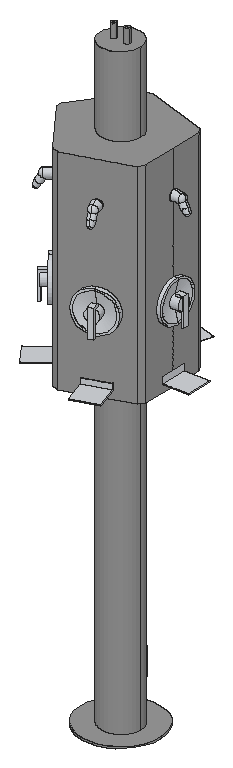
Revit family "Column_Shower-Willoughby-CWCSY-5", category Plumbing Fixtures, Revit 2015
Parameters (values of type "Standard")
  water line = Copper
  Waste Connection = no
  Vent Connection = no
  URL = "https://www.willoughby-ind.com/wp-content/uploads/2018/01/CWCSY.pdf"
  Revision = "A"
  Model = "CWCSY-5"
  Manufacturer = "Willoughby Industries"
  HW Connection = yes
  HCW DIA = 3/4"
  Fixture Body = Stainless Steel AISI 304-Willoughby
  Description = "5 Station Column Shower"
  Default Elevation = 0' - 0"
  Contact = "(800) 428-4065"
  CW Connection = yes
Reference planes (in)
  plane 1 "Center (Front/Back)": y = 0
  plane 2: z = 0
  plane 3 "Center (Left/Right)": x = 0
  plane 4 "Top Mounting Tube HGT": z = 92
  plane 5 "Shower Head HGT": z = 72
  plane 6 "Valve HGT": z = 60
  plane 7 "Soap dish HGT": z = 42
  plane 8 "Access": z = 6
  plane 9: x = -2
  plane 10: x = 2
  plane 11: x = -7.9375
  plane 12: x = 7.9375
  plane 13: through (0, 0, 48) normal (-0.866, -0.5, 0)
  plane 14: x = 1
  plane 15: x = -1
Forms (in)
  Extrusion 1, solid, material "Stainless Steel AISI 304-Willoughby" <- "Fixture Body", detail levels fine
    sketch origin (0, 0, 0) x (1, 0, 0) y (0, 1, 0)
      loop
        circle (0, 0) r 6
    from 0 to 0.25
  Extrusion 2, solid, material "Stainless Steel AISI 304-Willoughby" <- "Fixture Body"
    sketch origin (0, 0, 0) x (1, 0, 0) y (0, 1, 0)
      loop
        circle (0, 0) r 3
    from 0 to 92
  Extrusion 3, solid, material "Stainless Steel AISI 304-Willoughby" <- "Fixture Body", detail levels fine
    sketch origin (0, 0, 6) x (1, 0, 0) y (0, 1, 0)
      loop
        line (2, 2.23607) -> (2.07433, 2.3104)
        arc (2.07433, 2.3104) -> (0, 3.10614) -> (-2.07433, 2.3104) r 3.10151
        line (-2.07433, 2.3104) -> (-2, 2.23607)
        arc (-2, 2.23607) -> (0, 3.03719) -> (2, 2.23607) r 2.89705
    from 0 to 4
  Extrusion 4, solid, material "Stainless Steel AISI 304-Willoughby" <- "Fixture Body"
    sketch origin (0, 0, 0) x (1, 0, 0) y (0, 1, 0)
      loop
        line (-9.1875, -0.5) -> (-3.30965, -8.59017) -> (-2.35859, -8.89919) -> (7.22471, -5.78538) -> (7.8125, -4.97637) -> (7.8125, 0) -> (7.8125, 4.97637) -> (7.22471, 5.78538) -> (-2.35859, 8.89919) -> (-3.30965, 8.59017) -> (-9.1875, 0.5) -> (-9.1875, -0.5)
    from 48 to 80
  Revolve 5, solid, material "Copper" <- "water line", detail levels fine
    sketch origin (0, 0, 0) x (1, 0, 0) y (0, 0, 1)
      loop
        line (1, 92) -> (1, 94) -> (0.625, 94) -> (0.625, 92) -> (1, 92)
      axis (1, 94) -> (1, 92)
    angle from 0 to 360
  Revolve 6, solid, material "Copper" <- "water line", detail levels fine
    sketch origin (0, 0, 0) x (1, 0, 0) y (0, 0, 1)
      loop
        line (-1, 92) -> (-1, 94) -> (-1.375, 94) -> (-1.375, 92) -> (-1, 92)
      axis (-1, 94) -> (-1, 92)
    angle from 0 to 360
  Revolve 7, solid
    sketch origin (0, 0, 0) x (1, 0, 0) y (0, 0, 1)
      loop
        line (7.8125, 73.875) -> (9.6875, 73.875)
        arc (9.6875, 73.875) -> (9.56694, 74.29105) -> (9.1875, 74.5) r 0.56596
        line (9.1875, 74.5) -> (8.0625, 74.625) -> (7.8125, 74.625) -> (7.8125, 73.875)
      axis (7.8125, 73.875) -> (9.6875, 73.875)
    angle from 0 to 360
  Revolve 8, solid
    sketch origin (0, 0, 0) x (1, 0, 0) y (0, 0, 1)
      loop
        line (9.1875, 73.625) -> (8.75449, 73.375) -> (9.25449, 72.50897) -> (9.73774, 71.92196)
        arc (9.73774, 71.92196) -> (9.95634, 71.81003) -> (10.1875, 71.89295) r 0.30889
        line (10.1875, 71.89295) -> (9.1875, 73.625)
      axis (9.1875, 73.625) -> (10.1875, 71.89295)
    angle from 0 to 360
  Extrusion 9, solid
    sketch origin (0, 0, 0) x (1, 0, 0) y (0, 0, 1)
      loop
        line (7.8125, 49.25) -> (11.8125, 49.25) -> (11.8125, 49.37) -> (7.9325, 49.37) -> (7.9325, 50.25) -> (7.8125, 50.25) -> (7.8125, 49.25)
    from -2 to 2
  Revolve 10, solid
    sketch origin (0, 0, 0) x (1, 0, 0) y (0, 0, 1)
      loop
        line (7.8125, 59.75) -> (9.4925, 59.75) -> (9.4925, 60.75) -> (8.08528, 60.75)
        arc (8.08528, 60.75) -> (8.27532, 61.66598) -> (8.5425, 62.5625) r 11
        line (8.5425, 62.5625) -> (8.5425, 62.875) -> (7.8125, 62.875) -> (7.8125, 59.75)
      axis (7.8125, 59.75) -> (9.4925, 59.75)
    angle from 0 to 360
  Extrusion 11, solid
    sketch origin (0, 0, 0) x (1, 0, 0) y (0, 0, 1)
      loop
        line (9.4925, 56.75) -> (9.805, 56.75) -> (9.805, 61) -> (8.6175, 61) -> (8.6175, 60.5) -> (9.4925, 60.5) -> (9.4925, 56.75)
    from -0.375 to 0.375
  Revolve 12, solid
    sketch origin (-0.06167, 0.06167, 0) x (0.309017, -0.951057, 0) y (0, 0, 1)
      loop
        line (7.8125, 73.875) -> (9.6875, 73.875)
        arc (9.6875, 73.875) -> (9.56694, 74.29105) -> (9.1875, 74.5) r 0.56596
        line (9.1875, 74.5) -> (8.0625, 74.625) -> (7.8125, 74.625) -> (7.8125, 73.875)
      axis (7.8125, 73.875) -> (9.6875, 73.875)
    angle from 0 to 360
  Revolve 13, solid
    sketch origin (-0.06167, 0.06167, 0) x (0.309017, -0.951057, 0) y (0, 0, 1)
      loop
        line (9.1875, 73.625) -> (8.75449, 73.375) -> (9.25449, 72.50897) -> (9.73774, 71.92196)
        arc (9.73774, 71.92196) -> (9.95634, 71.81003) -> (10.1875, 71.89295) r 0.30889
        line (10.1875, 71.89295) -> (9.1875, 73.625)
      axis (9.1875, 73.625) -> (10.1875, 71.89295)
    angle from 0 to 360
  Extrusion 14, solid
    sketch origin (-0.06167, 0.06167, 0) x (0.309017, -0.951057, 0) y (0, 0, 1)
      loop
        line (7.8125, 49.25) -> (11.8125, 49.25) -> (11.8125, 49.37) -> (7.9325, 49.37) -> (7.9325, 50.25) -> (7.8125, 50.25) -> (7.8125, 49.25)
    from -2 to 2
  Revolve 15, solid
    sketch origin (-0.06167, 0.06167, 0) x (0.309017, -0.951057, 0) y (0, 0, 1)
      loop
        line (7.8125, 59.75) -> (9.4925, 59.75) -> (9.4925, 60.75) -> (8.08528, 60.75)
        arc (8.08528, 60.75) -> (8.27532, 61.66598) -> (8.5425, 62.5625) r 11
        line (8.5425, 62.5625) -> (8.5425, 62.875) -> (7.8125, 62.875) -> (7.8125, 59.75)
      axis (7.8125, 59.75) -> (9.4925, 59.75)
    angle from 0 to 360
  Extrusion 16, solid
    sketch origin (-0.06167, 0.06167, 0) x (0.309017, -0.951057, 0) y (0, 0, 1)
      loop
        line (9.4925, 56.75) -> (9.805, 56.75) -> (9.805, 61) -> (8.6175, 61) -> (8.6175, 60.5) -> (9.4925, 60.5) -> (9.4925, 56.75)
    from -0.375 to 0.375
  Revolve 17, solid
    sketch origin (0.0614, 0.0614, 0) x (-0.809017, -0.587785, 0) y (0, 0, 1)
      loop
        line (7.8125, 73.875) -> (9.6875, 73.875)
        arc (9.6875, 73.875) -> (9.56694, 74.29105) -> (9.1875, 74.5) r 0.56596
        line (9.1875, 74.5) -> (8.0625, 74.625) -> (7.8125, 74.625) -> (7.8125, 73.875)
      axis (7.8125, 73.875) -> (9.6875, 73.875)
    angle from 0 to 360
  Revolve 18, solid
    sketch origin (0.0614, 0.0614, 0) x (-0.809017, -0.587785, 0) y (0, 0, 1)
      loop
        line (9.1875, 73.625) -> (8.75449, 73.375) -> (9.25449, 72.50897) -> (9.73774, 71.92196)
        arc (9.73774, 71.92196) -> (9.95634, 71.81003) -> (10.1875, 71.89295) r 0.30889
        line (10.1875, 71.89295) -> (9.1875, 73.625)
      axis (9.1875, 73.625) -> (10.1875, 71.89295)
    angle from 0 to 360
  Extrusion 19, solid
    sketch origin (0.0614, 0.0614, 0) x (-0.809017, -0.587785, 0) y (0, 0, 1)
      loop
        line (7.8125, 49.25) -> (11.8125, 49.25) -> (11.8125, 49.37) -> (7.9325, 49.37) -> (7.9325, 50.25) -> (7.8125, 50.25) -> (7.8125, 49.25)
    from -2 to 2
  Revolve 20, solid
    sketch origin (0.0614, 0.0614, 0) x (-0.809017, -0.587785, 0) y (0, 0, 1)
      loop
        line (7.8125, 59.75) -> (9.4925, 59.75) -> (9.4925, 60.75) -> (8.08528, 60.75)
        arc (8.08528, 60.75) -> (8.27532, 61.66598) -> (8.5425, 62.5625) r 11
        line (8.5425, 62.5625) -> (8.5425, 62.875) -> (7.8125, 62.875) -> (7.8125, 59.75)
      axis (7.8125, 59.75) -> (9.4925, 59.75)
    angle from 0 to 360
  Extrusion 21, solid
    sketch origin (0.0614, 0.0614, 0) x (-0.809017, -0.587785, 0) y (0, 0, 1)
      loop
        line (9.4925, 56.75) -> (9.805, 56.75) -> (9.805, 61) -> (8.6175, 61) -> (8.6175, 60.5) -> (9.4925, 60.5) -> (9.4925, 56.75)
    from -0.375 to 0.375
  Revolve 22, solid
    sketch origin (0.0614, -0.0614, 0) x (-0.809017, 0.587785, 0) y (0, 0, 1)
      loop
        line (7.8125, 73.875) -> (9.6875, 73.875)
        arc (9.6875, 73.875) -> (9.56694, 74.29105) -> (9.1875, 74.5) r 0.56596
        line (9.1875, 74.5) -> (8.0625, 74.625) -> (7.8125, 74.625) -> (7.8125, 73.875)
      axis (7.8125, 73.875) -> (9.6875, 73.875)
    angle from 0 to 360
  Revolve 23, solid
    sketch origin (0.0614, -0.0614, 0) x (-0.809017, 0.587785, 0) y (0, 0, 1)
      loop
        line (9.1875, 73.625) -> (8.75449, 73.375) -> (9.25449, 72.50897) -> (9.73774, 71.92196)
        arc (9.73774, 71.92196) -> (9.95634, 71.81003) -> (10.1875, 71.89295) r 0.30889
        line (10.1875, 71.89295) -> (9.1875, 73.625)
      axis (9.1875, 73.625) -> (10.1875, 71.89295)
    angle from 0 to 360
  Extrusion 24, solid
    sketch origin (0.0614, -0.0614, 0) x (-0.809017, 0.587785, 0) y (0, 0, 1)
      loop
        line (7.8125, 49.25) -> (11.8125, 49.25) -> (11.8125, 49.37) -> (7.9325, 49.37) -> (7.9325, 50.25) -> (7.8125, 50.25) -> (7.8125, 49.25)
    from -2 to 2
  Revolve 25, solid
    sketch origin (0.0614, -0.0614, 0) x (-0.809017, 0.587785, 0) y (0, 0, 1)
      loop
        line (7.8125, 59.75) -> (9.4925, 59.75) -> (9.4925, 60.75) -> (8.08528, 60.75)
        arc (8.08528, 60.75) -> (8.27532, 61.66598) -> (8.5425, 62.5625) r 11
        line (8.5425, 62.5625) -> (8.5425, 62.875) -> (7.8125, 62.875) -> (7.8125, 59.75)
      axis (7.8125, 59.75) -> (9.4925, 59.75)
    angle from 0 to 360
  Extrusion 26, solid
    sketch origin (0.0614, -0.0614, 0) x (-0.809017, 0.587785, 0) y (0, 0, 1)
      loop
        line (9.4925, 56.75) -> (9.805, 56.75) -> (9.805, 61) -> (8.6175, 61) -> (8.6175, 60.5) -> (9.4925, 60.5) -> (9.4925, 56.75)
    from -0.375 to 0.375
  Revolve 27, solid
    sketch origin (-0.02402, -0.07391, 0) x (0.309017, 0.951057, 0) y (0, 0, 1)
      loop
        line (7.8125, 73.875) -> (9.6875, 73.875)
        arc (9.6875, 73.875) -> (9.56694, 74.29105) -> (9.1875, 74.5) r 0.56596
        line (9.1875, 74.5) -> (8.0625, 74.625) -> (7.8125, 74.625) -> (7.8125, 73.875)
      axis (7.8125, 73.875) -> (9.6875, 73.875)
    angle from 0 to 360
  Revolve 28, solid
    sketch origin (-0.02402, -0.07391, 0) x (0.309017, 0.951057, 0) y (0, 0, 1)
      loop
        line (9.1875, 73.625) -> (8.75449, 73.375) -> (9.25449, 72.50897) -> (9.73774, 71.92196)
        arc (9.73774, 71.92196) -> (9.95634, 71.81003) -> (10.1875, 71.89295) r 0.30889
        line (10.1875, 71.89295) -> (9.1875, 73.625)
      axis (9.1875, 73.625) -> (10.1875, 71.89295)
    angle from 0 to 360
  Extrusion 29, solid
    sketch origin (-0.02402, -0.07391, 0) x (0.309017, 0.951057, 0) y (0, 0, 1)
      loop
        line (7.8125, 49.25) -> (11.8125, 49.25) -> (11.8125, 49.37) -> (7.9325, 49.37) -> (7.9325, 50.25) -> (7.8125, 50.25) -> (7.8125, 49.25)
    from -2 to 2
  Revolve 30, solid
    sketch origin (-0.02402, -0.07391, 0) x (0.309017, 0.951057, 0) y (0, 0, 1)
      loop
        line (7.8125, 59.75) -> (9.4925, 59.75) -> (9.4925, 60.75) -> (8.08528, 60.75)
        arc (8.08528, 60.75) -> (8.27532, 61.66598) -> (8.5425, 62.5625) r 11
        line (8.5425, 62.5625) -> (8.5425, 62.875) -> (7.8125, 62.875) -> (7.8125, 59.75)
      axis (7.8125, 59.75) -> (9.4925, 59.75)
    angle from 0 to 360
  Extrusion 31, solid
    sketch origin (-0.02402, -0.07391, 0) x (0.309017, 0.951057, 0) y (0, 0, 1)
      loop
        line (9.4925, 56.75) -> (9.805, 56.75) -> (9.805, 61) -> (8.6175, 61) -> (8.6175, 60.5) -> (9.4925, 60.5) -> (9.4925, 56.75)
    from -0.375 to 0.375
Lines and regions (in)
  symbolic lines
    curve 1: line (3, 0, 0) -> (3, 0, 91.75)
    curve 2: line (-3, 0, 91.75) -> (-3, 0, 0)
    curve 3: line (-3, 0, 0) -> (3, 0, 0)
    curve 4: line (-3, 0, 0) -> (-4, 0, 0)
    curve 5: line (-4, 0, 0) -> (-4, 0, -0.25)
    curve 6: line (-4, 0, -0.25) -> (4, 0, -0.25)
    curve 7: line (4, 0, -0.25) -> (4, 0, 0)
    curve 8: line (0, -3, 0) -> (0, -3, 90)
    curve 9: line (0, 3, 90) -> (0, 3, 0)
    curve 10: line (0, 7, 0) -> (0, -7, 0)
    curve 11: line (0, -7, 0) -> (0, -7, -0.25)
    curve 12: line (0, -7, -0.25) -> (0, 7, -0.25)
    curve 13: line (0, 7, -0.25) -> (0, 7, 0)
    curve 14: circle (0, 0, 92) r 3 normal (0, 0, 1)
    curve 15: line (3, 0, 0) -> (4, 0, 0)
    curve 16: line (7.9375, 4, 0) -> (7.9375, -4, 0)
    curve 23: circle (0, 0, 0) r 3 normal (0, 0, 1)
    curve 24: line (7.9375, 0, 48) -> (7.9375, 0, 80)
    curve 25: line (7.9375, 0, 80) -> (-7.9375, 0, 80)
    curve 26: line (-7.9375, 0, 80) -> (-7.9375, 0, 48)
    curve 27: line (-7.9375, 0, 48) -> (8.3125, 0, 48)
    curve 28: line (7.43285, 0, 48) -> (7.43285, 0, 80)
    curve 29: line (0.50465, 0, 48) -> (0.50465, 0, 80)
    curve 30: line (-0.50465, 0, 80) -> (-0.50465, 0, 48)
    curve 31: line (-7.43285, 0, 48) -> (-7.43285, 0, 80)
    curve 33: line (8.36057, 0, 73.66229) -> (8.31197, 0, 73.71088)
    curve 54: line (-3.96875, 0, 73.61877) -> (-3.90178, 0, 73.79323)
    curve 55: line (-4.95632, 0, 73.97917) -> (-4.92805, 0, 74.13951)
    curve 56: spline (-4.92805, 0, 74.13951) -> (-4.88648, 0, 74.205) -> (-4.81277, 0, 74.25423) -> (-4.71195, 0, 74.28383) -> (-4.59088, 0, 74.29181) -> (-4.45783, 0, 74.2776) -> (-4.32185, 0, 74.24219) -> (-4.19221, 0, 74.18797) -> (-4.07775, 0, 74.11866) -> (-3.98627, 0, 74.03897) -> (-3.92399, 0, 73.95433) -> (-3.89518, 0, 73.87051) -> (-3.90178, 0, 73.79323)
    curve 61: spline (-3.90178, 0, 73.79323) -> (-3.89518, 0, 73.87051) -> (-3.92399, 0, 73.95433) -> (-3.98627, 0, 74.03897) -> (-4.07775, 0, 74.11866) -> (-4.19221, 0, 74.18797) -> (-4.32185, 0, 74.24219) -> (-4.45783, 0, 74.2776) -> (-4.59088, 0, 74.29181) -> (-4.71195, 0, 74.28383) -> (-4.81277, 0, 74.25423) -> (-4.88648, 0, 74.205) -> (-4.92805, 0, 74.13951)
    curve 67: line (-8.3115, 0, 73.71061) -> (-9.26816, 0, 74.26503)
    curve 75: line (8.46783, 0, 62.46967) -> (7.9375, 0, 63)
    curve 85: line (9.4375, 0, 56.75) -> (9.4375, 0, 58.75)
    curve 90: line (4.64399, 0, 56.75) -> (4.39399, 0, 56.75)
    curve 104: line (-4.39399, 0, 61.25) -> (-5.29351, 0, 61.25)
    curve 111: line (-7.9375, 0, 63) -> (-8.46783, 0, 62.46967)
    curve 112: line (-8.46783, 0, 62.46967) -> (-8.46783, 0, 57.53033)
    curve 113: line (-8.46783, 0, 57.53033) -> (-7.9375, 0, 57)
    curve 114: line (-8.46783, 0, 61.25) -> (-9.9375, 0, 61.25)
    curve 115: line (-9.9375, 0, 61.25) -> (-9.9375, 0, 56.75)
    curve 116: line (-9.9375, 0, 56.75) -> (-9.4375, 0, 56.75)
    curve 117: line (-9.4375, 0, 56.75) -> (-9.4375, 0, 61.25)
    curve 118: line (-9.4375, 0, 58.75) -> (-8.46783, 0, 58.75)
    curve 119: line (-8.46783, 0, 62.46967) -> (-8.46783, 0, 61.25)
    curve 120: line (0, 8.87408, 80) -> (0, -8.87408, 80)
    curve 121: line (0, -8.87408, 80) -> (0, -8.87408, 48)
    curve 122: line (0, -8.87408, 48) -> (0, 8.87408, 48)
    curve 123: line (0, 8.87408, 48) -> (0, 8.87408, 80)
    curve 124: line (0, 4.87408, 80) -> (0, 4.87408, 48)
    curve 125: line (0, 4, 48) -> (0, 4, 80)
    curve 126: line (0, -4.36943, 80) -> (0, -4.36943, 48)
    curve 127: line (0, -4.87408, 48) -> (0, -4.87408, 80)
    curve 132: arc (0, -0.56081, 73.98177) -> (0, -0.54398, 74.03846) -> (0, -0.51433, 74.08962) r 0.25036
    curve 149: line (0, -8.0385, 72.27148) -> (0, -7.11978, 73.74175)
    curve 198: line (0, -3, 92) -> (0, 3, 92)
    curve 199: line (0, 0.375, 94) -> (0, 0.375, 92)
    curve 200: line (0, -0.375, 94) -> (0, 0.375, 94)
    curve 201: line (0, -0.375, 94) -> (0, -0.375, 92)
  symbolic lines, detail levels fine
    curve 17: line (9.4375, -1.25, 0) -> (8.46783, -1.25, 0)
    curve 18: line (9.4375, 1.25, 0) -> (8.46783, 1.25, 0)
    curve 19: line (9.4375, 1.25, 0) -> (9.4375, -1.25, 0)
    curve 20: line (9.9375, 0.375, 0) -> (9.4375, 0.375, 0)
    curve 21: line (9.9375, 0.375, 0) -> (9.9375, -0.375, 0)
    curve 22: line (9.9375, -0.375, 0) -> (9.4375, -0.375, 0)
    curve 32: line (7.9375, 0, 73.61034) -> (8.36057, 0, 73.66229)
    curve 34: line (8.31197, 0, 73.71088) -> (9.34944, 0, 72.23861)
    curve 35: arc (9.34944, 0, 72.23861) -> (9.90023, 0, 72.07183) -> (10.02935, 0, 72.63265) r 0.39382
    curve 36: line (10.02935, 0, 72.63265) -> (9.38778, 0, 74.00851)
    curve 37: arc (9.38778, 0, 74.00851) -> (9.40822, 0, 74.44161) -> (9.133, 0, 74.77664) r 0.60351
    curve 38: line (9.133, 0, 74.77664) -> (7.9375, 0, 74.88123)
    curve 39: line (8.31197, 0, 73.71088) -> (9.26816, 0, 74.26503)
    curve 40: line (9.26816, 0, 74.26503) -> (9.38778, 0, 74.00851)
    curve 41: line (9.34944, 0, 72.23861) -> (8.31197, 0, 73.71088)
    curve 42: line (3.96875, 0, 73.61877) -> (4.46635, 0, 72.32247)
    curve 43: line (4.9522, 0, 73.99137) -> (5.2249, 0, 72.54154)
    curve 44: arc (5.2249, 0, 72.54154) -> (4.96293, 0, 72.02583) -> (4.46635, 0, 72.32247) r 0.3957
    curve 45: spline (3.95552, 0, 73.61369) -> (3.8169, 0, 73.6353) -> (3.68773, 0, 73.69866) -> (3.57681, 0, 73.79945) -> (3.49169, 0, 73.9308) -> (3.43819, 0, 74.08376) -> (3.41994, 0, 74.24791) -> (3.43819, 0, 74.41206) -> (3.49169, 0, 74.56502) -> (3.57681, 0, 74.69638) -> (3.68773, 0, 74.79717) -> (3.8169, 0, 74.86052) -> (3.95552, 0, 74.88214)
    curve 46: line (3.96875, 0, 74.88123) -> (4.63496, 0, 74.77099)
    curve 47: arc (4.63496, 0, 74.77099) -> (4.98675, 0, 74.44826) -> (4.94127, 0, 73.97303) r 0.53559
    curve 48: spline (4.93355, 0, 74.10241) -> (4.89669, 0, 74.1677) -> (4.82619, 0, 74.21885) -> (4.72687, 0, 74.25238) -> (4.60548, 0, 74.26601) -> (4.47031, 0, 74.2588) -> (4.33056, 0, 74.23125) -> (4.19576, 0, 74.18523) -> (4.0751, 0, 74.12389) -> (3.97679, 0, 74.0514) -> (3.90753, 0, 73.9727) -> (3.87206, 0, 73.89315) -> (3.87278, 0, 73.81818)
    curve 49: line (3.87278, 0, 73.81818) -> (3.96875, 0, 73.61877)
    curve 50: line (4.93355, 0, 74.10241) -> (4.95728, 0, 73.97624)
    curve 51: line (-4.95632, 0, 73.97917) -> (-5.2168, 0, 72.50196)
    curve 52: line (-3.96875, 0, 73.61877) -> (-4.47409, 0, 72.30231)
    curve 53: arc (-4.47409, 0, 72.30231) -> (-4.95048, 0, 72.01139) -> (-5.2168, 0, 72.50196) r 0.38503
    curve 57: arc (-3.96875, 0, 73.61877) -> (-3.40713, 0, 74.28457) -> (-4.05595, 0, 74.86572) r 0.62528
    curve 58: line (-4.05595, 0, 74.86572) -> (-4.5665, 0, 74.77664)
    curve 59: arc (-4.5665, 0, 74.77664) -> (-4.96481, 0, 74.47733) -> (-4.95632, 0, 73.97917) r 0.54824
    curve 60: arc (-4.5665, 0, 74.77664) -> (-4.21373, 0, 74.56609) -> (-4.11316, 0, 74.16776) r 0.53677
    curve 62: line (-7.9375, 0, 74.88182) -> (-9.133, 0, 74.77664)
    curve 63: arc (-9.133, 0, 74.77664) -> (-9.40713, 0, 74.44116) -> (-9.38785, 0, 74.00836) r 0.60717
    curve 64: line (-9.26816, 0, 74.26503) -> (-10.02935, 0, 72.63265)
    curve 65: arc (-10.02935, 0, 72.63265) -> (-9.91054, 0, 72.05405) -> (-9.34944, 0, 72.23861) r 0.39555
    curve 66: line (-9.34944, 0, 72.23861) -> (-8.3115, 0, 73.71061)
    curve 69: line (-1.375, 0, 92) -> (-1.375, 0, 94)
    curve 70: line (-1.375, 0, 94) -> (-0.625, 0, 94)
    curve 71: line (-0.625, 0, 94) -> (-0.625, 0, 92)
    curve 72: line (0.625, 0, 92) -> (0.625, 0, 94)
    curve 73: line (0.625, 0, 94) -> (1.375, 0, 94)
    curve 74: line (1.375, 0, 94) -> (1.375, 0, 92)
    curve 76: line (8.46783, 0, 62.46967) -> (7.9375, 0, 63)
    curve 77: line (8.46783, 0, 62.46967) -> (8.46783, 0, 57.53033)
    curve 78: line (8.46783, 0, 57.53033) -> (7.9375, 0, 57)
    curve 79: line (8.46783, 0, 58.75) -> (9.4375, 0, 58.75)
    curve 80: line (9.4375, 0, 58.75) -> (9.4375, 0, 61.25)
    curve 81: line (9.4375, 0, 61.25) -> (8.46783, 0, 61.25)
    curve 82: line (9.4375, 0, 61.25) -> (9.9375, 0, 61.25)
    curve 83: line (9.9375, 0, 61.25) -> (9.9375, 0, 56.75)
    curve 84: line (9.9375, 0, 56.75) -> (9.4375, 0, 56.75)
    curve 86: line (4.64399, 0, 61.25) -> (5.29351, 0, 61.25)
    curve 87: line (5.29351, 0, 61.25) -> (5.29351, 0, 56.75)
    curve 88: line (5.29351, 0, 56.75) -> (4.64399, 0, 56.75)
    curve 89: line (4.64399, 0, 56.75) -> (4.64399, 0, 61.25)
    curve 91: line (4.39399, 0, 56.75) -> (4.39399, 0, 61.25)
    curve 92: arc (5.29351, 0, 61) -> (5.81877, 0, 60) -> (5.29351, 0, 59) r 1.21454
    curve 93: spline (4.39399, 0, 61.25) -> (4.07047, 0, 61.20741) -> (3.76899, 0, 61.08253) -> (3.51011, 0, 60.88388) -> (3.31146, 0, 60.625) -> (3.18658, 0, 60.32352) -> (3.14399, 0, 60) -> (3.18658, 0, 59.67648) -> (3.31146, 0, 59.375) -> (3.51011, 0, 59.11612) -> (3.76899, 0, 58.91747) -> (4.07047, 0, 58.79259) -> (4.39399, 0, 58.75)
    curve 94: spline (4.39399, 0, 58.81402) -> (4.19988, 0, 58.85445) -> (4.01899, 0, 58.97298) -> (3.86366, 0, 59.16154) -> (3.74447, 0, 59.40728) -> (3.66955, 0, 59.69344) -> (3.64399, 0, 60.00053) -> (3.66955, 0, 60.30762) -> (3.74447, 0, 60.59379) -> (3.86366, 0, 60.83952) -> (4.01899, 0, 61.02808) -> (4.19988, 0, 61.14662) -> (4.39399, 0, 61.18704)
    curve 95: spline (4.23392, 0, 62.46967) -> (3.67586, 0, 62.38552) -> (3.15584, 0, 62.1388) -> (2.70928, 0, 61.74632) -> (2.36663, 0, 61.23483) -> (2.15123, 0, 60.6392) -> (2.07776, 0, 60) -> (2.15123, 0, 59.3608) -> (2.36663, 0, 58.76517) -> (2.70928, 0, 58.25368) -> (3.15584, 0, 57.8612) -> (3.67586, 0, 57.61448) -> (4.23392, 0, 57.53033)
    curve 96: spline (4.23392, 0, 57.53033) -> (4.78826, 0, 57.61448) -> (5.30483, 0, 57.8612) -> (5.74841, 0, 58.25368) -> (6.08879, 0, 58.76517) -> (6.30276, 0, 59.3608) -> (6.37574, 0, 60) -> (6.30276, 0, 60.6392) -> (6.08879, 0, 61.23483) -> (5.74841, 0, 61.74632) -> (5.30483, 0, 62.1388) -> (4.78826, 0, 62.38552) -> (4.23392, 0, 62.46967)
    curve 97: spline (3.96875, 0, 63) -> (3.29526, 0, 62.89778) -> (2.66766, 0, 62.59808) -> (2.12874, 0, 62.12132) -> (1.7152, 0, 61.5) -> (1.45525, 0, 60.77646) -> (1.36658, 0, 60) -> (1.45525, 0, 59.22354) -> (1.7152, 0, 58.5) -> (2.12874, 0, 57.87868) -> (2.66766, 0, 57.40192) -> (3.29526, 0, 57.10222) -> (3.96875, 0, 57)
    curve 98: spline (3.96875, 0, 57) -> (4.64775, 0, 57.10222) -> (5.28047, 0, 57.40192) -> (5.8238, 0, 57.87868) -> (6.24071, 0, 58.5) -> (6.50279, 0, 59.22354) -> (6.59219, 0, 60) -> (6.50279, 0, 60.77646) -> (6.24071, 0, 61.5) -> (5.8238, 0, 62.12132) -> (5.28047, 0, 62.59808) -> (4.64775, 0, 62.89778) -> (3.96875, 0, 63)
    curve 99: spline (-3.96875, 0, 63) -> (-4.6392, 0, 62.89778) -> (-5.26395, 0, 62.59808) -> (-5.80044, 0, 62.12132) -> (-6.2121, 0, 61.5) -> (-6.47089, 0, 60.77646) -> (-6.55915, 0, 60) -> (-6.47089, 0, 59.22354) -> (-6.2121, 0, 58.5) -> (-5.80044, 0, 57.87868) -> (-5.26395, 0, 57.40192) -> (-4.6392, 0, 57.10222) -> (-3.96875, 0, 57)
    curve 100: spline (-3.96875, 0, 57) -> (-3.29858, 0, 57.10222) -> (-2.67408, 0, 57.40192) -> (-2.13781, 0, 57.87868) -> (-1.72632, 0, 58.5) -> (-1.46764, 0, 59.22354) -> (-1.37941, 0, 60) -> (-1.46764, 0, 60.77646) -> (-1.72632, 0, 61.5) -> (-2.13781, 0, 62.12132) -> (-2.67408, 0, 62.59808) -> (-3.29858, 0, 62.89778) -> (-3.96875, 0, 63)
    curve 101: spline (-4.23392, 0, 61.25) -> (-3.94915, 0, 61.20741) -> (-3.68378, 0, 61.08253) -> (-3.45591, 0, 60.88388) -> (-3.28106, 0, 60.625) -> (-3.17114, 0, 60.32352) -> (-3.13365, 0, 60) -> (-3.17114, 0, 59.67648) -> (-3.28106, 0, 59.375) -> (-3.45591, 0, 59.11612) -> (-3.68378, 0, 58.91747) -> (-3.94915, 0, 58.79259) -> (-4.23392, 0, 58.75)
    curve 102: spline (-4.39399, 0, 61.25) -> (-4.19988, 0, 61.20834) -> (-4.01899, 0, 61.08619) -> (-3.86366, 0, 60.89189) -> (-3.74447, 0, 60.63867) -> (-3.66955, 0, 60.34379) -> (-3.64399, 0, 60.02734) -> (-3.66955, 0, 59.71089) -> (-3.74447, 0, 59.41601) -> (-3.86366, 0, 59.16279) -> (-4.01899, 0, 58.96849) -> (-4.19988, 0, 58.84634) -> (-4.39399, 0, 58.80468)
    curve 103: spline (-5.29351, 0, 61.05399) -> (-5.42292, 0, 61.01786) -> (-5.54351, 0, 60.9119) -> (-5.64706, 0, 60.74335) -> (-5.72652, 0, 60.5237) -> (-5.77647, 0, 60.2679) -> (-5.79351, 0, 59.9934) -> (-5.77647, 0, 59.7189) -> (-5.72652, 0, 59.4631) -> (-5.64706, 0, 59.24345) -> (-5.54351, 0, 59.0749) -> (-5.42292, 0, 58.96894) -> (-5.29351, 0, 58.93281)
    curve 105: line (-5.29351, 0, 61.25) -> (-5.29351, 0, 56.75)
    curve 106: line (-5.29351, 0, 56.75) -> (-4.39399, 0, 56.75)
    curve 107: line (-4.39399, 0, 56.75) -> (-4.39399, 0, 61.25)
    curve 108: line (-4.64399, 0, 61.25) -> (-4.64399, 0, 56.75)
    curve 109: spline (-4.23392, 0, 62.46967) -> (-3.68541, 0, 62.38552) -> (-3.17429, 0, 62.1388) -> (-2.73538, 0, 61.74632) -> (-2.3986, 0, 61.23483) -> (-2.18688, 0, 60.6392) -> (-2.11467, 0, 60) -> (-2.18688, 0, 59.3608) -> (-2.3986, 0, 58.76517) -> (-2.73538, 0, 58.25368) -> (-3.17429, 0, 57.8612) -> (-3.68541, 0, 57.61448) -> (-4.23392, 0, 57.53033)
    curve 110: spline (-4.23392, 0, 57.53033) -> (-4.81626, 0, 57.61448) -> (-5.35892, 0, 57.8612) -> (-5.82491, 0, 58.25368) -> (-6.18247, 0, 58.76517) -> (-6.40725, 0, 59.3608) -> (-6.48392, 0, 60) -> (-6.40725, 0, 60.6392) -> (-6.18247, 0, 61.23483) -> (-5.82491, 0, 61.74632) -> (-5.35892, 0, 62.1388) -> (-4.81626, 0, 62.38552) -> (-4.23392, 0, 62.46967)
    curve 155: line (0, -7.98561, 61.25) -> (0, -8.79363, 61.25)
    curve 156: line (0, -8.79363, 61.25) -> (0, -8.79363, 56.75)
    curve 157: line (0, -7.98561, 56.75) -> (0, -7.98561, 61.25)
    curve 158: line (0, -8.41863, 61.25) -> (0, -8.41863, 56.75)
    curve 159: line (0, -7.98561, 58.75) -> (0, -7.33336, 58.75)
    curve 160: line (0, -7.98561, 61.25) -> (0, -7.33336, 61.25)
    curve 161: spline (0, -7.33336, 61.25) -> (0, -7.16974, 61.20741) -> (0, -7.01728, 61.08253) -> (0, -6.88636, 60.88388) -> (0, -6.7859, 60.625) -> (0, -6.72275, 60.32352) -> (0, -6.70121, 60) -> (0, -6.72275, 59.67648) -> (0, -6.7859, 59.375) -> (0, -6.88636, 59.11612) -> (0, -7.01728, 58.91747) -> (0, -7.16974, 58.79259) -> (0, -7.33336, 58.75)
    curve 162: spline (0, -7.33336, 62.46967) -> (0, -7.00983, 62.38552) -> (0, -6.70836, 62.1388) -> (0, -6.44947, 61.74632) -> (0, -6.25082, 61.23483) -> (0, -6.12595, 60.6392) -> (0, -6.08336, 60) -> (0, -6.12595, 59.3608) -> (0, -6.25082, 58.76517) -> (0, -6.44947, 58.25368) -> (0, -6.70836, 57.8612) -> (0, -7.00983, 57.61448) -> (0, -7.33336, 57.53033)
    curve 163: arc (0, -7.33336, 57.53033) -> (0, -7.70994, 57.63123) -> (0, -7.98561, 57.90691) r 0.75316
    curve 164: arc (0, -7.33336, 62.46967) -> (0, -8.05344, 62.01773) -> (0, -8.41863, 61.25) r 1.52149
    curve 165: line (0, -0.375, 61.25) -> (0, 0.375, 61.25)
    curve 166: line (0, 0.375, 61.25) -> (0, 0.375, 56.75)
    curve 167: line (0, 0.375, 56.75) -> (0, -0.375, 56.75)
    curve 168: line (0, -0.375, 56.75) -> (0, -0.375, 61.25)
    curve 169: arc (0, 0.375, 61.19401) -> (0, 1.25012, 60.00079) -> (0, 0.375, 58.80758) r 1.25103
    curve 170: arc (0, -0.375, 61.19242) -> (0, -1.25, 60) -> (0, -0.375, 58.80758) r 1.25
    curve 171: circle (0, 0, 60) r 2.46967 normal (1, 0, 0)
    curve 172: circle (0, 0, 60) r 3.02253 normal (1, 0, 0)
    curve 173: spline (0, -6.87408, 63) -> (0, -6.48585, 62.89778) -> (0, -6.12408, 62.59808) -> (0, -5.81342, 62.12132) -> (0, -5.57504, 61.5) -> (0, -5.42519, 60.77646) -> (0, -5.37408, 60) -> (0, -5.42519, 59.22354) -> (0, -5.57504, 58.5) -> (0, -5.81342, 57.87868) -> (0, -6.12408, 57.40192) -> (0, -6.48585, 57.10222) -> (0, -6.87408, 57)
    curve 174: arc (0, -6.87408, 57) -> (0, -7.26728, 57.0944) -> (0, -7.57477, 57.35702) r 0.86611
    curve 175: arc (0, -6.87408, 63) -> (0, -7.15896, 62.94692) -> (0, -7.40619, 62.79574) r 0.79918
    curve 176: arc (0, -7.40619, 62.79574) -> (0, -7.71666, 62.47485) -> (0, -7.97876, 62.11339) r 3.15766
    curve 177: arc (0, -7.98561, 61.17713) -> (0, -7.53676, 59.99215) -> (0, -7.98561, 58.80717) r 1.7886
    curve 178: line (0, 8.79363, 61.25) -> (0, 7.98561, 61.25)
    curve 179: line (0, 7.98561, 61.25) -> (0, 7.98561, 56.75)
    curve 180: line (0, 7.98561, 56.75) -> (0, 8.79363, 56.75)
    curve 181: line (0, 8.79363, 56.75) -> (0, 8.79363, 61.25)
    curve 182: line (0, 8.41863, 61.25) -> (0, 8.41863, 56.75)
    curve 183: line (0, 7.98561, 61.25) -> (0, 7.33336, 61.25)
    curve 184: spline (0, 7.33336, 61.25) -> (0, 7.16953, 61.20741) -> (0, 7.01686, 61.08253) -> (0, 6.88577, 60.88388) -> (0, 6.78517, 60.625) -> (0, 6.72194, 60.32352) -> (0, 6.70037, 60) -> (0, 6.72194, 59.67648) -> (0, 6.78517, 59.375) -> (0, 6.88577, 59.11612) -> (0, 7.01686, 58.91747) -> (0, 7.16953, 58.79259) -> (0, 7.33336, 58.75)
    curve 185: line (0, 7.33336, 58.75) -> (0, 7.98561, 58.75)
    curve 186: spline (0, 7.98561, 61.18269) -> (0, 7.87783, 61.14231) -> (0, 7.77739, 61.02393) -> (0, 7.69114, 60.83562) -> (0, 7.62495, 60.5902) -> (0, 7.58335, 60.30441) -> (0, 7.56916, 59.99771) -> (0, 7.58335, 59.69102) -> (0, 7.62495, 59.40522) -> (0, 7.69114, 59.1598) -> (0, 7.77739, 58.97149) -> (0, 7.87783, 58.85311) -> (0, 7.98561, 58.81273)
    curve 187: spline (0, 6.87408, 63) -> (0, 6.48585, 62.89778) -> (0, 6.12408, 62.59808) -> (0, 5.81342, 62.12132) -> (0, 5.57504, 61.5) -> (0, 5.42519, 60.77646) -> (0, 5.37408, 60) -> (0, 5.42519, 59.22354) -> (0, 5.57504, 58.5) -> (0, 5.81342, 57.87868) -> (0, 6.12408, 57.40192) -> (0, 6.48585, 57.10222) -> (0, 6.87408, 57)
    curve 188: spline (0, 7.33336, 57.53033) -> (0, 7.00983, 57.61448) -> (0, 6.70836, 57.8612) -> (0, 6.44947, 58.25368) -> (0, 6.25082, 58.76517) -> (0, 6.12595, 59.3608) -> (0, 6.08336, 60) -> (0, 6.12595, 60.6392) -> (0, 6.25082, 61.23483) -> (0, 6.44947, 61.74632) -> (0, 6.70836, 62.1388) -> (0, 7.00983, 62.38552) -> (0, 7.33336, 62.46967)
    curve 189: arc (0, 7.34213, 62.47394) -> (0, 7.71952, 62.34525) -> (0, 8.01011, 62.07223) r 0.94399
    curve 190: arc (0, 8.01011, 62.07223) -> (0, 8.23518, 61.67741) -> (0, 8.38962, 61.25) r 2.65552
    curve 191: arc (0, 7.33336, 57.53033) -> (0, 7.69712, 57.65343) -> (0, 7.98561, 57.90691) r 0.9796
    curve 192: arc (0, 6.87408, 57) -> (0, 7.18628, 57.06609) -> (0, 7.4507, 57.24476) r 0.83267
    curve 193: arc (0, 7.4507, 57.24476) -> (0, 7.60733, 57.38263) -> (0, 7.7452, 57.53926) r 1.6404
    curve 194: line (0, 7.7452, 57.53926) -> (0, 7.98752, 57.90565)
    curve 195: arc (0, 6.87408, 63) -> (0, 7.19639, 62.93023) -> (0, 7.47048, 62.74684) r 0.88109
    curve 196: arc (0, 7.47048, 62.74684) -> (0, 7.73729, 62.45185) -> (0, 7.96842, 62.12814) r 3.45492
    curve 202: line (1.66585, -9.30019, 0) -> (1.36621, -8.37798, 0)
    curve 203: line (4.04349, -8.52765, 0) -> (3.74385, -7.60544, 0)
    curve 204: line (4.04349, -8.52765, 0) -> (1.66585, -9.30019, 0)
    curve 205: line (3.36583, -9.27357, 0) -> (3.21132, -8.79804, 0)
    curve 206: line (3.36583, -9.27357, 0) -> (2.65254, -9.50533, 0)
    curve 207: line (2.65254, -9.50533, 0) -> (2.49803, -9.0298, 0)
    curve 208: line (-8.30843, -4.47455, 0) -> (-7.52395, -3.90459, 0)
    curve 209: line (-6.83897, -6.49709, 0) -> (-6.05449, -5.92714, 0)
    curve 210: line (-6.83897, -6.49709, 0) -> (-8.30843, -4.47455, 0)
    curve 211: line (-7.75779, -6.0831, 0) -> (-7.35328, -5.7892, 0)
    curve 212: line (-7.75779, -6.0831, 0) -> (-8.19863, -5.47633, 0)
    curve 213: line (-8.19863, -5.47633, 0) -> (-7.79412, -5.18244, 0)
    curve 214: line (-6.83897, 6.49709, 0) -> (-6.05449, 5.92714, 0)
    curve 215: line (-8.30843, 4.47455, 0) -> (-7.52395, 3.90459, 0)
    curve 216: line (-8.30843, 4.47455, 0) -> (-6.83897, 6.49709, 0)
    curve 217: line (-8.19863, 5.47633, 0) -> (-7.79412, 5.18244, 0)
    curve 218: line (-8.19863, 5.47633, 0) -> (-7.75779, 6.0831, 0)
    curve 219: line (-7.75779, 6.0831, 0) -> (-7.35328, 5.7892, 0)
    curve 220: line (4.08115, 8.51541, 0) -> (3.78151, 7.5932, 0)
    curve 221: line (1.70351, 9.28796, 0) -> (1.40387, 8.36574, 0)
    curve 222: line (1.70351, 9.28796, 0) -> (4.08115, 8.51541, 0)
    curve 223: line (2.69019, 9.49309, 0) -> (2.53569, 9.01757, 0)
    curve 224: line (2.69019, 9.49309, 0) -> (3.40349, 9.26133, 0)
    curve 225: line (3.40349, 9.26133, 0) -> (3.24898, 8.7858, 0)
  symbolic lines, detail levels coarse+fine
    curve 68: line (-8.35473, 0, 73.64931) -> (-7.9375, 0, 73.62013)
    curve 197: line (0, -8.79363, 56.75) -> (0, -7.98561, 56.75)
  symbolic lines, detail levels medium+fine
    curve 128: line (0, 0.56985, 73.98177) -> (0, 0.40311, 72.39536)
    curve 129: line (0, -0.53229, 73.9107) -> (0, -0.37302, 72.39536)
    curve 130: arc (0, 0.40311, 72.39536) -> (0, 0.01505, 72.0073) -> (0, -0.37302, 72.39536) r 0.38807
    curve 131: arc (0, 0.56985, 73.98177) -> (0, 0.00452, 74.88487) -> (0, -0.56081, 73.98177) r 0.6285
    curve 133: arc (0, 0.51356, 74.08962) -> (0, 0.55797, 74.04418) -> (0, 0.56985, 73.98177) r 0.11003
    curve 134: arc (0, 0.51356, 74.08962) -> (0, -0.00039, 74.7762) -> (0, -0.51433, 74.08962) r 0.53565
    curve 135: line (0, 6.87408, 74.88123) -> (0, 7.90941, 74.77664)
    curve 136: arc (0, 7.90941, 74.77664) -> (0, 8.21673, 74.45413) -> (0, 8.20415, 74.00883) r 0.57916
    curve 137: arc (0, 8.20415, 74.00883) -> (0, 8.47564, 73.28023) -> (0, 8.76141, 72.5571) r 39.54765
    curve 138: arc (0, 8.76141, 72.5571) -> (0, 8.546, 72.04649) -> (0, 8.03539, 72.26191) r 0.39187
    curve 139: arc (0, 8.03539, 72.26191) -> (0, 7.56685, 73.00091) -> (0, 7.10803, 73.74599) r 66.76917
    curve 140: arc (0, 7.10803, 73.74599) -> (0, 7.27765, 73.9473) -> (0, 7.50061, 74.08725) r 0.8523
    curve 141: line (0, 7.50061, 74.08725) -> (0, 7.68407, 73.98133)
    curve 142: arc (0, 7.68407, 73.98133) -> (0, 7.94349, 74.00666) -> (0, 8.20415, 74.00883) r 2.92823
    curve 143: line (0, 7.16602, 73.6506) -> (0, 6.87408, 73.61877)
    curve 144: spline (0, 6.87408, 73.61877) -> (0, 6.7921, 73.64028) -> (0, 6.71571, 73.70334) -> (0, 6.65011, 73.80365) -> (0, 6.59978, 73.93438) -> (0, 6.56813, 74.08662) -> (0, 6.55734, 74.25) -> (0, 6.56813, 74.41338) -> (0, 6.59978, 74.56562) -> (0, 6.65011, 74.69635) -> (0, 6.71571, 74.79666) -> (0, 6.7921, 74.85972) -> (0, 6.87408, 74.88123)
    curve 145: line (0, -6.87408, 74.88123) -> (0, -7.90941, 74.77664)
    curve 146: arc (0, -7.90941, 74.77664) -> (0, -8.22661, 74.45034) -> (0, -8.19336, 73.99649) r 0.55527
    curve 147: line (0, -8.19336, 73.99649) -> (0, -8.75527, 72.60571)
    curve 148: arc (0, -8.75527, 72.60571) -> (0, -8.57827, 72.04962) -> (0, -8.0385, 72.27148) r 0.39676
    curve 150: line (0, -7.17624, 73.6514) -> (0, -6.89832, 73.62219)
    curve 151: spline (0, -6.87408, 73.61877) -> (0, -6.79068, 73.64028) -> (0, -6.71297, 73.70334) -> (0, -6.64624, 73.80365) -> (0, -6.59503, 73.93438) -> (0, -6.56284, 74.08662) -> (0, -6.55186, 74.25) -> (0, -6.56284, 74.41338) -> (0, -6.59503, 74.56562) -> (0, -6.64624, 74.69635) -> (0, -6.71297, 74.79666) -> (0, -6.79068, 74.85972) -> (0, -6.87408, 74.88123)
    curve 152: arc (0, -7.5039, 74.08379) -> (0, -7.26411, 73.96637) -> (0, -7.11978, 73.74175) r 0.4966
    curve 153: line (0, -7.5039, 74.08379) -> (0, -7.68854, 73.97719)
    curve 154: arc (0, -7.68854, 73.97719) -> (0, -7.94041, 74.00096) -> (0, -8.19336, 73.99649) r 2.26377
Dimensions and locks (in)
  plane 11 to plane 3 "Center (Left/Right)" = 0' - 7 15/16"
  plane 3 "Center (Left/Right)" to plane 12 = 0' - 7 15/16"
  Extrusion 4 to plane 4 "Top Mounting Tube HGT" = 1' - 0"
  aligned and locked: Extrusion 2 to level
  aligned and locked: Extrusion 3 to plane 8 "Access"
  aligned and locked: curve 3 to curve 15
  aligned and locked: plane 4 "Top Mounting Tube HGT" to Extrusion 2
  aligned and locked: Revolve 5 sketch curve to Revolve 5 sketch curve  (x2)
  aligned and locked: Revolve 6 sketch curve to Revolve 6 sketch curve  (x2)
  aligned and locked: Revolve 7 sketch curve to Revolve 7 sketch curve  (x2)
  aligned and locked: Revolve 8 sketch curve to Revolve 8 sketch curve  (x2)
  aligned and locked: Revolve 10 sketch curve to Revolve 10 sketch curve  (x2)
  aligned and locked: Revolve 12 sketch curve to Revolve 12 sketch curve  (x2)
  aligned and locked: Revolve 13 sketch curve to Revolve 13 sketch curve  (x2)
  aligned and locked: Revolve 15 sketch curve to Revolve 15 sketch curve  (x2)
  aligned and locked: Revolve 17 sketch curve to Revolve 17 sketch curve  (x2)
  aligned and locked: Revolve 18 sketch curve to Revolve 18 sketch curve  (x2)
  aligned and locked: Revolve 20 sketch curve to Revolve 20 sketch curve  (x2)
  aligned and locked: Revolve 22 sketch curve to Revolve 22 sketch curve  (x2)
  aligned and locked: Revolve 23 sketch curve to Revolve 23 sketch curve  (x2)
  aligned and locked: Revolve 25 sketch curve to Revolve 25 sketch curve  (x2)
  aligned and locked: Revolve 27 sketch curve to Revolve 27 sketch curve  (x2)
  aligned and locked: Revolve 28 sketch curve to Revolve 28 sketch curve  (x2)
  aligned and locked: Revolve 30 sketch curve to Revolve 30 sketch curve  (x2)
Connectors (in)
  piping at (-1, 0, 94), diameter 0.75, driven by "HCW DIA", driven by "HW Connection"
    settings: on Revolve 6, index 1, connector inside diameter 24", connector length 0' - 0", flow factor 0, pipe flow 0 GPM, pressure drop 0.00 psi, fitting loss kfactor 0, connector angle 0.00°, fixture units 0, engagement length 0' - 0", angle of deflection 0.00°, flow configuration 0, flow direction 1, fitting loss method 0, system type 19, joint type 0, gender type 0, connector reference index -1, connector utility 1, adjustable connector no, is connector primary yes, connector description "HW Inlet"
  piping at (1, 0, 94), diameter 0.75, driven by "HCW DIA", driven by "CW Connection"
    settings: on Revolve 5, index 2, connector inside diameter 24", connector length 0' - 0", flow factor 0, pipe flow 0 GPM, pressure drop 0.00 psi, fitting loss kfactor 0, connector angle 0.00°, fixture units 0, engagement length 0' - 0", angle of deflection 0.00°, flow configuration 0, flow direction 1, fitting loss method 0, system type 20, joint type 0, gender type 0, connector reference index -1, connector utility 1, adjustable connector no, is connector primary no, connector description "CW Inlet"
